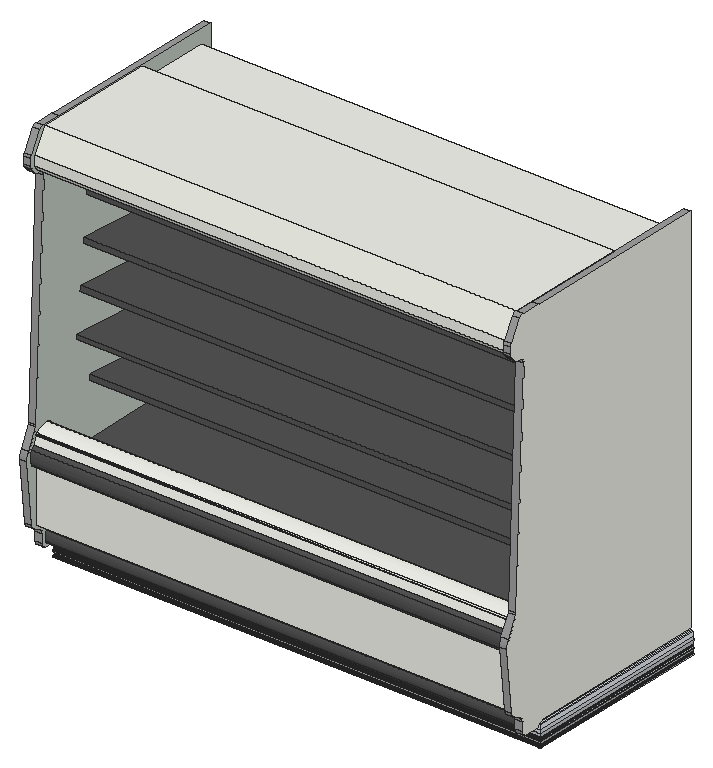
Revit family "F6_2014", category Specialty Equipment, Revit 2014
Parameters (values of type "8'-0" Length")
  Width = 96 3/8"
  Waste Drain Location = if(Width = 72 1/4", 12", if(Width = 96 3/8", 23 7/8", 1/16"))  # 23 7/8"
  Waste Drain = 1 1/2"  # constant formula
  URL = "www.hussmann.com"
  Type Comments = "Excel"  # constant formula
  Trim = Stainless Steel
  Total Weight = Case Weight + (2 * End Weight)  # 1900.00 lbf
  Splashguard = Textured Sheet Metal (Steel Painted) - 701 Black
  Side Panel - Right [instance] = yes
  Side Panel - Left [instance] = yes
  Shelves = Sheet Metal (Steel Painted) - 701 Black
  Shelf Lights [instance] = yes
  Shelf = yes
  Revit Family Date = "09/13/2016"  # constant formula
  Refrigeration Lines Suction = 1 1/8"  # constant formula
  Refrigeration Lines Liquid = 3/8"  # constant formula
  Refrig. Suction = "Suction"
  Refrig. Liquid = "Liquid"
  Number of Supports = if(Width < 50", 2, if(Width < 100", 3, 4))  # 3
  Number of Shelves = 5  # constant formula
  Note from Manufacturer = "This model only comes in 4'-0\", 6'-0\", 8'-0\" and 12'-0\"  lengths."
  Model URL = "http://www.hussmann.com/en/product%20viewer/display-cases/F6,%20F6L"
  Model = "F6"  # constant formula
  Manufacturer Disclaimer = "The information in this file is not intended to be an exact representation of the corresponding Hussmann product.  Further, we reserve the right to change or revise specifications and product design in connection with any feature of our products. Such changes do not entitle the buyer to corresponding changes, improvements, additions, or replacements for equipment previously sold or shipped."  # constant formula
  Manufacturer = "Hussmann Corporation"  # constant formula
  Height = 81 1/4"  # constant formula
  Glazing = Glass
  Ends = Textured Sheet Metal (Steel Painted) - 149 White Satin Matte
  End Weight = 100.00 lbf  # constant formula
  Door Frame = Plastic - 144 Mist Gray
  Description = "Medium 27 inches Front Height, Low Temperature Open Multi-Deck"  # constant formula
  Depth = 46 1/2"  # constant formula
  Cutsheet URL = "http://www.hussmann.com/en/Technical%20Documents/0522419_E_F6.pdf"
  Case Weight = if(Width = 48 1/4", 1000.00 lbf, if(Width = 72 1/4", 1300.00 lbf, if(Width = 96 3/8", 1700.00 lbf, if(Width = 144 1/2", 2000.00 lbf, 0.00 lbf))))  # 1700.00 lbf
  Case Interior - Side Panel = Mirror
  Case Interior - Back Panel = Mirror
  Case = Textured Sheet Metal (Steel Painted) - 149 White Satin Matte
  Bumper = Extruded PVC - 701 Black
  Assembly Code = ""
  Accessories/Options = ""
Types (5): name | Width | Waste Drain Location | Total Weight | Number of Supports | Case Weight
  (no name) | 96 3/8" | 23 7/8" | 1900.00 lbf | 3 | 1700.00 lbf
  12'-0" Length | 144 1/2" | 1/16" | 2200.00 lbf | 4 | 2000.00 lbf
  8'-0" Length | 96 3/8" | 23 7/8" | 1900.00 lbf | 3 | 1700.00 lbf
  6'-0" Length | 72 1/4" | 12" | 1500.00 lbf | 3 | 1300.00 lbf
  4'-0" Length | 48 1/4" | 1/16" | 1200.00 lbf | 2 | 1000.00 lbf
Reference planes (in)
  plane 1 "Back": y = 0
  plane 2 "Bottom": z = 0
  plane 3 "Top": z = 81.25
  plane 4 "Left": x = -77.30699
  plane 5 "Front": y = -46.5
  plane 6 "Center (Left/Right)": x = -29.11949
  plane 7 "Right": x = 19.06801
  plane 8: x = -78.75816
  plane 9: x = 20.51919
Forms (in)
  Extrusion 1, solid, material "Metal - Copper"
    sketch origin (63.0625, 1.04319, 0) x (1, 0, 0) y (0, 1, 0)
      loop
        arc (-68.30699, -27.97109) -> (-68.83732, -28.19076) -> (-69.05699, -28.72109) r 0.75
        arc (-69.05699, -28.72109) -> (-68.83732, -29.25142) -> (-68.30699, -29.47109) r 0.75
        arc (-68.30699, -29.47109) -> (-67.77666, -29.25142) -> (-67.55699, -28.72109) r 0.75
        arc (-67.55699, -28.72109) -> (-67.77666, -28.19076) -> (-68.30699, -27.97109) r 0.75
      loop
        circle (-68.30699, -28.72109) r 0.7102
    from 6.42413 to 3.51473
  Extrusion 2, solid, material "Metal - Copper"
    sketch origin (57.40105, 5, -0.375) x (1, 0, 0) y (0, 1, 0)
      loop
        circle (-47.78995, -35.51915) r 0.53859
      loop
        circle (-47.78995, -35.51915) r 0.5625
    from 12.31461 to 5.4531
  Extrusion 3, solid, material "Metal - Copper"
    sketch origin (59.82608, 5, -0.375) x (1, 0, 0) y (0, 1, 0)
      loop
        circle (-49.46497, -35.51915) r 0.17188
      loop
        circle (-49.46497, -35.51915) r 0.1875
    from 12.31461 to 5.4531
  Extrusion 4, solid, material "Textured Sheet Metal (Steel Painted) - 149 White Satin Matte" <- "Case"
    sketch origin (-77.30699, 0, 0) x (0, 1, 0) y (0, 0, 1)
      loop
        line (-32.1541, 73.54912) -> (-9.46181, 71.96022) -> (-14.849, 18.17943) -> (-16.98709, 18.17943) -> (-23.57861, 11.45449) -> (-26.80457, 11.45449) -> (-27.76669, 14.43866) -> (-41.70677, 15.01715) -> (-38.318, 17.2794) -> (-38.318, 17.87326) -> (-40.77696, 17.87326) -> (-40.77696, 22.76026)
        arc (-40.77696, 22.76026) -> (-40.79236, 22.78719) -> (-40.82338, 22.78759) r 0.03125
        line (-40.82338, 22.78759) -> (-42.13884, 22.05773) -> (-43.92538, 22.05773) -> (-43.92538, 26.00602) -> (-42.40181, 26.00602)
        arc (-42.40181, 26.00602) -> (-42.36045, 26.02335) -> (-42.34381, 26.06499) r 0.058
        line (-42.34381, 26.06499) -> (-42.34381, 26.31941) -> (-42.16439, 26.56533)
        arc (-42.16439, 26.56533) -> (-42.05488, 26.61571) -> (-42.02131, 26.73149) r 0.14499
        arc (-42.02131, 26.73149) -> (-42.08031, 26.91762) -> (-42.2585, 26.99747) r 0.23875
        arc (-42.2585, 26.99747) -> (-43.75651, 26.75243) -> (-45.09834, 26.04279) r 4.70103
        arc (-45.09834, 26.04279) -> (-45.1763, 25.9639) -> (-45.22778, 25.86565) r 0.37506
        line (-45.22778, 25.86565) -> (-45.25633, 25.77972)
        arc (-45.25633, 25.77972) -> (-45.25768, 25.74778) -> (-45.24339, 25.71919) r 0.06383
        arc (-45.24339, 25.71919) -> (-45.23064, 25.70823) -> (-45.21557, 25.70083) r 0.06355
        line (-45.21557, 25.70083) -> (-45.15692, 25.68094) -> (-45.71561, 24.14609) -> (-45.0616, 24.14609) -> (-45.0616, 9.16104) -> (-42.90688, 7.9165) -> (-42.68352, 8.32972) -> (-37.45724, 5.312) -> (-29.27535, 5.312) -> (-29.27535, 2.18201) -> (0, 2.18201) -> (0, 49.42812) -> (-3.19794, 49.42812) -> (-3.19794, 78.65136) -> (-18.11408, 78.65136) -> (-18.11408, 81.26647) -> (-42.99581, 81.26647) -> (-45.50837, 76.9146) -> (-45.50837, 74.88084) -> (-44.55361, 73.74112) -> (-44.24596, 74.04878) -> (-44.96724, 74.90484) -> (-42.96435, 76.39558) -> (-42.79097, 75.93177) -> (-42.41037, 75.40726) -> (-39.0931, 75.40726) -> (-39.0931, 75.13972) -> (-38.83177, 74.20939) -> (-38.68819, 74.20516) -> (-38.68819, 74.70168) -> (-35.39484, 74.70168) -> (-35.37355, 72.28708) -> (-32.1541, 72.28708) -> (-32.1541, 73.54912)
    from 0 to 96.375 <- "Width"
  Extrusion 5, solid, material "Sheet Metal (Steel Painted) - 701 Black" <- "Shelves"
    sketch origin (-77.30699, 0, 0) x (0, 1, 0) y (0, 0, 1)
      loop
        line (-15.04978, 19.30353) -> (-40.57497, 18.90647) -> (-40.56003, 17.94604)
        arc (-40.56003, 17.94604) -> (-40.55054, 17.92409) -> (-40.5283, 17.91528) r 0.03125
        line (-40.5283, 17.91528) -> (-15.02977, 18.30908) -> (-15.04978, 19.30353)
    from 0 to 96.375 <- "Width"
  Extrusion 6, solid, material "Extruded PVC - 701 Black" <- "Bumper"
    sketch origin (-77.30699, 0, 0) x (0, 1, 0) y (0, 0, 1)
      loop
        arc (-45.71561, 24.14609) -> (-46.08999, 23.88839) -> (-46.35991, 23.52271) r 1.37504
        arc (-46.35991, 23.52271) -> (-46.68609, 22.16151) -> (-46.35917, 20.80049) r 2.99997
        arc (-46.35917, 20.80049) -> (-46.04489, 20.3947) -> (-45.60371, 20.13243) r 1.37501
        arc (-45.60371, 20.13243) -> (-45.5525, 20.1281) -> (-45.5059, 20.14977) r 0.10001
        line (-45.5059, 20.14977) -> (-45.0616, 20.52258) -> (-45.0616, 24.14609) -> (-45.71561, 24.14609)
      loop
        arc (-42.02361, 7.721) -> (-42.3677, 7.51597) -> (-42.61285, 7.19922) r 1.075
        arc (-42.61285, 7.19922) -> (-42.86856, 6.13415) -> (-42.61286, 5.06908) r 2.346
        arc (-42.61286, 5.06908) -> (-42.36782, 4.75242) -> (-42.02389, 4.5474) r 1.075
        arc (-42.02389, 4.5474) -> (-41.98374, 4.54322) -> (-41.94688, 4.55968) r 0.078
        line (-41.94688, 4.55968) -> (-41.67603, 4.78693) -> (-41.96374, 4.953) -> (-40.6816, 7.17378) -> (-41.4288, 7.60522) -> (-41.55766, 7.38205) -> (-41.94493, 7.70698)
        arc (-41.94493, 7.70698) -> (-41.98233, 7.72483) -> (-42.02361, 7.721) r 0.078
    from 0 to 96.375 <- "Width"
  Extrusion 7, solid, material "Sheet Metal (Steel Painted) - 701 Black" <- "Shelves"
    sketch origin (-77.30699, 0, 0) x (0, 1, 0) y (0, 0, 1)
      loop
        line (-10.30939, 63.49875) -> (-32.25575, 65.03542) -> (-32.35547, 64.03996) -> (-31.85796, 63.99012) -> (-31.80661, 64.50275) -> (-10.35925, 63.00102) -> (-10.30939, 63.49875)
      loop
        line (-31.65455, 30.92217) -> (-31.72446, 29.92372) -> (-31.25675, 29.87687) -> (-31.2054, 30.38949) -> (-13.74837, 29.16717) -> (-13.69851, 29.6649) -> (-31.65455, 30.92217)
      loop
        line (-34.7985, 39.65103) -> (-34.89821, 38.65556) -> (-34.4007, 38.60573) -> (-34.34935, 39.11836) -> (-12.90199, 37.61663) -> (-12.85213, 38.11436) -> (-34.7985, 39.65103)
      loop
        line (-33.95092, 48.11249) -> (-34.05063, 47.11703) -> (-33.55312, 47.06719) -> (-33.50177, 47.57982) -> (-12.05441, 46.07809) -> (-12.00455, 46.57583) -> (-33.95092, 48.11249)
      loop
        line (-33.10333, 56.57396) -> (-33.20305, 55.57849) -> (-32.70554, 55.52866) -> (-32.65419, 56.04129) -> (-11.20683, 54.53956) -> (-11.15697, 55.03729) -> (-33.10333, 56.57396)
    from 0 to 96.375 <- "Width"
  Extrusion 8, solid, material "Textured Sheet Metal (Steel Painted) - 149 White Satin Matte" <- "Ends", visible <- "Side Panel - Left"
    sketch origin (-77.30699, 0, 0) x (0, 1, 0) y (0, 0, 1)
      loop
        line (-43.1746, 72.33507) -> (-45.09612, 27.53321)
        arc (-45.09612, 27.53321) -> (-45.12572, 27.3309) -> (-45.19585, 27.13884) r 0.99992
        line (-45.19585, 27.13884) -> (-46.99351, 23.44142)
        arc (-46.99351, 23.44142) -> (-47.25982, 22.62207) -> (-47.29229, 21.76113) r 3.12507
        line (-47.29229, 21.76113) -> (-46.04991, 9.45266)
        arc (-46.04991, 9.45266) -> (-45.8947, 9.01005) -> (-45.55476, 8.6869) r 1.00008
        line (-45.55476, 8.6869) -> (-43.94711, 7.75915)
        arc (-43.94711, 7.75915) -> (-43.58099, 7.39314) -> (-43.44698, 6.8931) r 0.99992
        line (-43.44698, 6.8931) -> (-43.44698, 5.0781)
        arc (-43.44698, 5.0781) -> (-43.15406, 4.37094) -> (-42.4469, 4.07802) r 1.00008
        line (-42.4469, 4.07802) -> (-39.4509, 4.07802) -> (-39.4509, 4.32875) -> (-39.38161, 4.32875) -> (-39.38161, 4.37675) -> (-38.29754, 5.22424) -> (-38.29754, 5.17618) -> (-0.57369, 5.17618) -> (-0.57369, 81.28502) -> (-39.32361, 81.28502) -> (-39.32361, 81.34702) -> (-43.1566, 81.34702)
        arc (-43.1566, 81.34702) -> (-43.65661, 81.21305) -> (-44.02266, 80.84705) r 1.00008
        line (-44.02266, 80.84705) -> (-46.19965, 77.07706)
        arc (-46.19965, 77.07706) -> (-46.29959, 76.83583) -> (-46.33368, 76.57695) r 1.00008
        line (-46.33368, 76.57695) -> (-46.33368, 75.16995)
        arc (-46.33368, 75.16995) -> (-46.27327, 74.82765) -> (-46.09935, 74.5267) r 1.00008
        line (-46.09935, 74.5267) -> (-45.43459, 73.73534)
        arc (-45.43459, 73.73534) -> (-45.09158, 73.47237) -> (-44.6696, 73.37888) r 0.99908
        line (-44.6696, 73.37888) -> (-44.1746, 73.37888)
        arc (-44.1746, 73.37888) -> (-43.45184, 73.07038) -> (-43.1746, 72.33507) r 1.00092
    from 0 to -1.45118
  Sweep 9, solid
    path origin (0, 0, 0) x (1, 0, 0) y (0, 1, 0)
      loop
        line (-77.30699, 0) -> (-77.30699, -37.26654) -> (19.06801, -37.26654) -> (19.06801, 0)
    profile origin (-29.11949, -37.26654, 0) x (0, 1, 0) y (0, 0, 1)
      loop
        line (-0.89402, 4.48266) -> (-1.05129, 4.45114) -> (-1.2305, 4.33026) -> (-1.34929, 4.14965) -> (-1.53606, 3.46063) -> (-1.55475, 2.74699) -> (-1.40429, 2.04913) -> (-1.37706, 1.88926) -> (-1.40243, 1.72908) -> (-1.47773, 1.58544) -> (-1.56688, 1.39133) -> (-1.56688, 1.17773) -> (-1.47773, 0.98363) -> (-1.3886, 0.78951) -> (-1.3886, 0.57592) -> (-1.47773, 0.38181) -> (-1.53279, 0.28957) -> (-1.56688, 0.1877) -> (-1.57841, 0.0809) -> (-0.72217, 0.2629) -> (0, 0.70022) -> (0, 4.13502) -> (-0.22501, 4.36538) -> (-0.16131, 4.42908) -> (-0.5901, 4.85787) -> (-0.66434, 4.88863) -> (-0.73859, 4.85787) -> (-0.89402, 4.48266)
  Extrusion 10, solid, material "Textured Sheet Metal (Steel Painted) - 149 White Satin Matte" <- "Ends", visible <- "Side Panel - Right"
    sketch origin (67.19301, 0, 0) x (0, 1, 0) y (0, 0, -1)
      loop
        arc (-43.1746, -72.33507) -> (-43.45184, -73.07038) -> (-44.1746, -73.37888) r 1.00092
        line (-44.1746, -73.37888) -> (-44.6696, -73.37888)
        arc (-44.6696, -73.37888) -> (-45.09158, -73.47237) -> (-45.43459, -73.73534) r 0.99908
        line (-45.43459, -73.73534) -> (-46.09935, -74.5267)
        arc (-46.09935, -74.5267) -> (-46.27327, -74.82765) -> (-46.33368, -75.16995) r 1.00008
        line (-46.33368, -75.16995) -> (-46.33368, -76.57695)
        arc (-46.33368, -76.57695) -> (-46.29959, -76.83583) -> (-46.19965, -77.07706) r 1.00008
        line (-46.19965, -77.07706) -> (-44.02266, -80.84705)
        arc (-44.02266, -80.84705) -> (-43.65661, -81.21305) -> (-43.1566, -81.34702) r 1.00008
        line (-43.1566, -81.34702) -> (-39.32361, -81.34702) -> (-39.32361, -81.28502) -> (-0.57369, -81.28502) -> (-0.57369, -5.17618) -> (-38.29754, -5.17618) -> (-38.29754, -5.22424) -> (-39.38161, -4.37675) -> (-39.38161, -4.32875) -> (-39.4509, -4.32875) -> (-39.4509, -4.07802) -> (-42.4469, -4.07802)
        arc (-42.4469, -4.07802) -> (-43.15406, -4.37094) -> (-43.44698, -5.0781) r 1.00008
        line (-43.44698, -5.0781) -> (-43.44698, -6.8931)
        arc (-43.44698, -6.8931) -> (-43.58099, -7.39314) -> (-43.94711, -7.75915) r 0.99992
        line (-43.94711, -7.75915) -> (-45.55476, -8.6869)
        arc (-45.55476, -8.6869) -> (-45.8947, -9.01005) -> (-46.04991, -9.45266) r 1.00008
        line (-46.04991, -9.45266) -> (-47.29229, -21.76113)
        arc (-47.29229, -21.76113) -> (-47.25982, -22.62207) -> (-46.99351, -23.44142) r 3.12507
        line (-46.99351, -23.44142) -> (-45.19585, -27.13884)
        arc (-45.19585, -27.13884) -> (-45.12572, -27.3309) -> (-45.09612, -27.53321) r 0.99992
        line (-45.09612, -27.53321) -> (-43.1746, -72.33507)
    from 48.125 to 46.67382
Lines and regions (in)
  reference lines
    curve 1: line (-73.78869, -46.5, 0) -> (-73.78869, 0, 0)
    curve 2: line (-5.24449, -46.5, 0) -> (-5.24449, 0, 0)
    curve 3: line (15.61582, -46.5, 0) -> (15.61582, 0, 0)
    curve 4: line (10.17361, -46.5, 0) -> (10.17361, 0, 0)
    curve 5: line (-77.30699, -27.6779, 0) -> (19.06801, -27.6779, 0)
    curve 6: line (19.06801, -30.51915, 0) -> (-77.30699, -30.51915, 0)
Dimensions and locks (in)
  equal spacing: plane 4 "Left", plane 6 "Center (Left/Right)", plane 7 "Right"
  "Width": plane 4 "Left" to plane 7 "Right"
  locked: plane 4 "Left" to curve 1 at 3.5183
  locked: curve 3 to plane 7 "Right" at 3.45219
  "Depth": plane 5 "Front" to plane 1 "Back"
  locked: curve 4 to plane 7 "Right" at 8.89441
  "Height": plane 3 "Top" to level
  locked: plane 1 "Back" to curve 5 at 27.6779
  locked: plane 1 "Back" to curve 6 at 30.51915
  locked: Extrusion 1 sketch curve to Extrusion 1 sketch curve at 0.0398
  locked: Extrusion 3 sketch curve to Extrusion 3 sketch curve at 0.01562
  locked: Extrusion 2 sketch curve to Extrusion 2 sketch curve at 0.02391
  equal spacing: group 1, group 3, group 2  (x3)
  "Waste Drain Location": plane 6 "Center (Left/Right)" to curve 2
  locked: plane 8 to plane 4 "Left" at 1.45118
  locked: plane 7 "Right" to plane 9 at 1.45118
  "Waste Drain": diameter of Extrusion 1 sketch curve
  "Refrigeration Lines Liquid": diameter of Extrusion 3 sketch curve
  "Refrigeration Lines Suction": diameter of Extrusion 2 sketch curve
  aligned and locked: plane 5 "Front" to curve 2
  aligned and locked: plane 5 "Front" to curve 3
  aligned and locked: plane 5 "Front" to curve 1
  aligned and locked: plane 4 "Left" to curve 5
  aligned and locked: plane 4 "Left" to curve 6
  aligned and locked: plane 7 "Right" to curve 6
  aligned and locked: plane 7 "Right" to curve 5
  aligned and locked: curve 6 to Extrusion 3 sketch curve  (x4)
  aligned and locked: curve 6 to Extrusion 2 sketch curve  (x4)
  aligned and locked: curve 5 to Extrusion 1 sketch curve  (x3)
  aligned and locked: curve 2 to Extrusion 1 sketch curve
  aligned and locked: curve 4 to Extrusion 3 sketch curve
  aligned and locked: curve 4 to Extrusion 2 sketch curve
  aligned and locked: curve 1 to nested 1
  aligned and locked: curve 3 to nested 2
  aligned and locked: plane 4 "Left" to Extrusion 8
  aligned and locked: Extrusion 8 to plane 8
  aligned and locked: Extrusion 4 to Sweep 9 sketch curve
  aligned and locked: Sweep 9 sketch curve to Extrusion 4
  aligned and locked: Extrusion 10 to plane 7 "Right"
  aligned and locked: Extrusion 10 to plane 9
  aligned and locked: plane 4 "Left" to nested 5
  aligned and locked: plane 4 "Left" to nested 4
  aligned and locked: plane 4 "Left" to nested 3
Automatic sketch dimensions
  Extrusion 4 sketch curve to plane 1 "Back" = 0"
  plane 1 "Back" to Extrusion 4 sketch curve = 3.19794"
  Extrusion 4 sketch curve to Extrusion 4 sketch curve = 6.26387"
  plane 1 "Back" to Extrusion 4 sketch curve = 14.849"
  Extrusion 4 sketch curve to Extrusion 4 sketch curve = 2.13808"
  Extrusion 4 sketch curve to plane 3 "Top" = 0.01647"
  Extrusion 4 sketch curve to Extrusion 4 sketch curve = 8.65227"
  Extrusion 4 sketch curve to Extrusion 4 sketch curve = 6.59152"
  Extrusion 4 sketch curve to Extrusion 4 sketch curve = 3.22596"
  Extrusion 4 sketch curve to Extrusion 4 sketch curve = 0.96212"
  level to Extrusion 4 sketch curve = 2.18201"
  Extrusion 4 sketch curve to Extrusion 4 sketch curve = 2.47078"
  plane 5 "Front" to Extrusion 4 sketch curve = 14.3459"
  Extrusion 4 sketch curve to Extrusion 4 sketch curve = 3.21945"
  Extrusion 4 sketch curve to Extrusion 4 sketch curve = 0.02129"
  Extrusion 4 sketch curve to Extrusion 4 sketch curve = 8.18189"
  plane 5 "Front" to Extrusion 4 sketch curve = 8.182"
  Extrusion 4 sketch curve to Extrusion 4 sketch curve = 3.29335"
  Extrusion 4 sketch curve to Extrusion 4 sketch curve = 0.14358"
  Extrusion 4 sketch curve to Extrusion 4 sketch curve = 0.40491"
  Extrusion 4 sketch curve to Extrusion 4 sketch curve = 2.45897"
  Extrusion 4 sketch curve to Extrusion 4 sketch curve = 1/32"
  Extrusion 4 sketch curve to Extrusion 4 sketch curve = 0.9298"
  Extrusion 4 sketch curve to Extrusion 4 sketch curve = 1.31547"
  Extrusion 4 sketch curve to Extrusion 4 sketch curve = 1.34102"
  Extrusion 4 sketch curve to Extrusion 4 sketch curve = 0.00035"
  Extrusion 4 sketch curve to Extrusion 4 sketch curve = 3/32"
  Extrusion 4 sketch curve to Extrusion 4 sketch curve = 0.11966"
  Extrusion 4 sketch curve to Extrusion 4 sketch curve = 0.17942"
  Extrusion 4 sketch curve to Extrusion 4 sketch curve = 0.058"  (x2)
  Extrusion 4 sketch curve to Extrusion 4 sketch curve = 3.31727"
  plane 5 "Front" to Extrusion 4 sketch curve = 3.81648"
  Extrusion 4 sketch curve to Extrusion 4 sketch curve = 0.3806"
  Extrusion 4 sketch curve to Extrusion 4 sketch curve = 0.22336"
  Extrusion 4 sketch curve to Extrusion 4 sketch curve = 0.17337"
  plane 5 "Front" to Extrusion 4 sketch curve = 3.50419"
  Extrusion 4 sketch curve to Extrusion 4 sketch curve = 1.66688"
  plane 5 "Front" to Extrusion 4 sketch curve = 2.25404"
  Extrusion 4 sketch curve to Extrusion 4 sketch curve = 0.30766"  (x2)
  Extrusion 4 sketch curve to Extrusion 4 sketch curve = 0.9481"
  Extrusion 4 sketch curve to Extrusion 4 sketch curve = 0.72128"
  plane 5 "Front" to Extrusion 4 sketch curve = 1.4384"
  Extrusion 4 sketch curve to Extrusion 4 sketch curve = 0.28345"
  Extrusion 4 sketch curve to Extrusion 4 sketch curve = 0.03834"
  Extrusion 4 sketch curve to Extrusion 4 sketch curve = 0.00008"
  Extrusion 4 sketch curve to Extrusion 4 sketch curve = 0.03252"
  Extrusion 4 sketch curve to Extrusion 4 sketch curve = 0.06098"
  Extrusion 4 sketch curve to Extrusion 4 sketch curve = 0.54113"
  Extrusion 4 sketch curve to Extrusion 4 sketch curve = 0.65401"
  Extrusion 4 sketch curve to Extrusion 4 sketch curve = 3.13"
  Extrusion 4 sketch curve to Extrusion 4 sketch curve = 2.6045"
  Extrusion 4 sketch curve to Extrusion 4 sketch curve = 0.41321"
  Extrusion 4 sketch curve to Extrusion 4 sketch curve = 1.24454"
  Extrusion 4 sketch curve to Extrusion 4 sketch curve = 6.14249"
  Extrusion 4 sketch curve to Extrusion 4 sketch curve = 2.98417"
  Extrusion 4 sketch curve to Extrusion 4 sketch curve = 5.85611"
  Extrusion 4 sketch curve to Extrusion 4 sketch curve = 2.26226"
  Extrusion 4 sketch curve to Extrusion 4 sketch curve = 0.59386"
  Extrusion 4 sketch curve to Extrusion 4 sketch curve = 0.23874"
  Extrusion 4 sketch curve to Extrusion 4 sketch curve = 1.53485"
  Extrusion 4 sketch curve to Extrusion 4 sketch curve = 0.06167"
  Extrusion 4 sketch curve to Extrusion 4 sketch curve = 0.08014"
  Extrusion 4 sketch curve to Extrusion 4 sketch curve = 0.00004"
  Extrusion 4 sketch curve to Extrusion 4 sketch curve = 0.01864"
  Extrusion 4 sketch curve to Extrusion 4 sketch curve = 11/128"
  Extrusion 4 sketch curve to Extrusion 4 sketch curve = 0.25443"
  Extrusion 4 sketch curve to Extrusion 4 sketch curve = 0.24591"
  Extrusion 4 sketch curve to Extrusion 4 sketch curve = 0.14499"
  Extrusion 4 sketch curve to Extrusion 4 sketch curve = 0.04841"
  Extrusion 4 sketch curve to Extrusion 4 sketch curve = 1.26203"
  Extrusion 4 sketch curve to Extrusion 4 sketch curve = 1.91808"
  Extrusion 4 sketch curve to Extrusion 4 sketch curve = 0.00423"
  Extrusion 4 sketch curve to Extrusion 4 sketch curve = 2.4146"
  Extrusion 4 sketch curve to Extrusion 4 sketch curve = 1.13972"
  Extrusion 4 sketch curve to Extrusion 4 sketch curve = 0.024"
  Extrusion 4 sketch curve to Extrusion 4 sketch curve = 0.43803"
  Extrusion 4 sketch curve to Extrusion 4 sketch curve = 1.35848"
  Extrusion 4 sketch curve to Extrusion 4 sketch curve = 0.52451"
  Extrusion 4 sketch curve to Extrusion 4 sketch curve = 0.46381"
  Extrusion 4 sketch curve to Extrusion 4 sketch curve = 2.03376"
  plane 3 "Top" to Extrusion 4 sketch curve = 2.59864"
  Extrusion 4 sketch curve to Extrusion 4 sketch curve = 0.14343"
  Extrusion 4 sketch curve to Extrusion 4 sketch curve = 0.12944"
  Extrusion 4 sketch curve to Extrusion 4 sketch curve = 0.05865"
  Extrusion 4 sketch curve to Extrusion 4 sketch curve = 0"  (x2)
  Extrusion 4 sketch curve to Extrusion 4 sketch curve = 0.02766"
  Extrusion 4 sketch curve to Extrusion 4 sketch curve = 0.00014"
  Extrusion 4 sketch curve to Extrusion 4 sketch curve = 0.01836"
  plane 5 "Front" to Extrusion 5 sketch curve = 5.92503"
  Extrusion 5 sketch curve to Extrusion 5 sketch curve = 0.01494"
  Extrusion 5 sketch curve to Extrusion 5 sketch curve = 1/32"
  Extrusion 5 sketch curve to Extrusion 5 sketch curve = 0.00048"
  plane 1 "Back" to Extrusion 5 sketch curve = 15.04978"
  Extrusion 5 sketch curve to Extrusion 5 sketch curve = 0.02001"
  Extrusion 5 sketch curve to Extrusion 5 sketch curve = 0.00049"
  plane 5 "Front" to Extrusion 6 sketch curve = 0.78439"
  plane 5 "Front" to Extrusion 6 sketch curve = 0.93005"
  Extrusion 6 sketch curve to Extrusion 6 sketch curve = 0.06406"
  Extrusion 6 sketch curve to Extrusion 6 sketch curve = 0.43594"
  plane 5 "Front" to Extrusion 6 sketch curve = 1.36613"
  Extrusion 6 sketch curve to Extrusion 6 sketch curve = 0.65401"
  Extrusion 6 sketch curve to Extrusion 6 sketch curve = 1.44775"
  plane 5 "Front" to Extrusion 6 sketch curve = 4.50398"
  Extrusion 6 sketch curve to Extrusion 6 sketch curve = 0"  (x5)
  Extrusion 6 sketch curve to Extrusion 6 sketch curve = 0.03228"
  Extrusion 6 sketch curve to Extrusion 6 sketch curve = 0.04914"
  Extrusion 6 sketch curve to Extrusion 6 sketch curve = 0.05109"
  Extrusion 6 sketch curve to Extrusion 6 sketch curve = 0.28771"
  Extrusion 6 sketch curve to Extrusion 6 sketch curve = 0.30871"
  Extrusion 6 sketch curve to Extrusion 6 sketch curve = 0.34099"
  Extrusion 6 sketch curve to Extrusion 6 sketch curve = 0.38727"
  Extrusion 6 sketch curve to Extrusion 6 sketch curve = 0.12886"
  Extrusion 6 sketch curve to Extrusion 6 sketch curve = 0.7472"
  Extrusion 6 sketch curve to Extrusion 6 sketch curve = 0.15904"
  Extrusion 6 sketch curve to Extrusion 6 sketch curve = 0.73784"
  Extrusion 6 sketch curve to Extrusion 6 sketch curve = 1.47544"
  Extrusion 6 sketch curve to Extrusion 6 sketch curve = 0.90215"
  Extrusion 6 sketch curve to Extrusion 6 sketch curve = 0.29601"
  Extrusion 6 sketch curve to Extrusion 6 sketch curve = 0.0768"
  level to Extrusion 6 sketch curve = 7.70698"
  Extrusion 6 sketch curve to Extrusion 6 sketch curve = 0.05894"
  Extrusion 6 sketch curve to Extrusion 6 sketch curve = 0.10175"
  Extrusion 6 sketch curve to Extrusion 6 sketch curve = 0.22318"
  Extrusion 6 sketch curve to Extrusion 6 sketch curve = 0.43144"
  Extrusion 6 sketch curve to Extrusion 6 sketch curve = 0.67089"
  Extrusion 6 sketch curve to Extrusion 6 sketch curve = 1.03963"
  Extrusion 6 sketch curve to Extrusion 6 sketch curve = 1.15403"
  Extrusion 6 sketch curve to Extrusion 6 sketch curve = 0.60413"
  Extrusion 6 sketch curve to Extrusion 6 sketch curve = 0.16607"
  Extrusion 6 sketch curve to Extrusion 6 sketch curve = 0.33275"
  Extrusion 6 sketch curve to Extrusion 6 sketch curve = 0.06058"
  plane 5 "Front" to Extrusion 6 sketch curve = 0.14084"
  plane 5 "Front" to Extrusion 6 sketch curve = 0.14009"
  Extrusion 6 sketch curve to Extrusion 6 sketch curve = 0.09781"
  Extrusion 6 sketch curve to Extrusion 6 sketch curve = 0.64912"
  Extrusion 6 sketch curve to Extrusion 6 sketch curve = 0.61683"
  Extrusion 6 sketch curve to Extrusion 6 sketch curve = 0.07701"
  Extrusion 6 sketch curve to Extrusion 6 sketch curve = 0.02759"
  plane 5 "Front" to Extrusion 7 sketch curve = 11.60179"
  Extrusion 7 sketch curve to Extrusion 7 sketch curve = 0.09972"  (x4)
  Extrusion 7 sketch curve to Extrusion 7 sketch curve = 0.49751"  (x4)
  Extrusion 7 sketch curve to Extrusion 7 sketch curve = 0.05135"  (x5)
  Extrusion 7 sketch curve to Extrusion 7 sketch curve = 0.74786"  (x3)
  Extrusion 7 sketch curve to Extrusion 7 sketch curve = 2.67624"
  Extrusion 7 sketch curve to Extrusion 7 sketch curve = 0.06991"
  Extrusion 7 sketch curve to Extrusion 7 sketch curve = 0.46771"
  plane 1 "Back" to Extrusion 7 sketch curve = 13.74837"
  Extrusion 7 sketch curve to Extrusion 7 sketch curve = 0.79652"
  Extrusion 7 sketch curve to Extrusion 7 sketch curve = 0.04986"  (x5)
  Extrusion 7 sketch curve to Extrusion 7 sketch curve = 0.79772"  (x3)
  Extrusion 7 sketch curve to Extrusion 7 sketch curve = 7.95173"
  Extrusion 7 sketch curve to Extrusion 7 sketch curve = 0.49773"  (x5)
  Extrusion 7 sketch curve to Extrusion 7 sketch curve = 7.68356"
  Extrusion 7 sketch curve to Extrusion 7 sketch curve = 0.04984"  (x3)
  Extrusion 7 sketch curve to Extrusion 7 sketch curve = 7.96373"  (x3)
  Extrusion 7 sketch curve to Extrusion 7 sketch curve = 7.41616"  (x3)
  Extrusion 7 sketch curve to Extrusion 7 sketch curve = 0.51263"
  Extrusion 8 sketch curve to plane 5 "Front" = 0.79229"
  Extrusion 8 sketch curve to plane 5 "Front" = 0.49351"
  plane 5 "Front" to Extrusion 8 sketch curve = 0.16632"
  plane 5 "Front" to Extrusion 8 sketch curve = 0.30035"
  plane 5 "Front" to Extrusion 8 sketch curve = 0.40065"
  plane 5 "Front" to Extrusion 8 sketch curve = 0.40488"
  plane 5 "Front" to Extrusion 8 sketch curve = 0.45009"
  Extrusion 8 sketch curve to Extrusion 8 sketch curve = 0.49516"
  Extrusion 8 sketch curve to Extrusion 8 sketch curve = 0.66476"
  Extrusion 8 sketch curve to Extrusion 8 sketch curve = 1.00008"  (x3)
  Extrusion 8 sketch curve to Extrusion 8 sketch curve = 0.89926"
  Extrusion 8 sketch curve to Extrusion 8 sketch curve = 0.09973"
  Extrusion 8 sketch curve to Extrusion 8 sketch curve = 0.99502"
  Extrusion 8 sketch curve to Extrusion 8 sketch curve = 0.76499"
  plane 5 "Front" to Extrusion 8 sketch curve = 2.05311"
  plane 5 "Front" to Extrusion 8 sketch curve = 2.31699"
  Extrusion 8 sketch curve to Extrusion 8 sketch curve = 0.495"
  plane 3 "Top" to Extrusion 8 sketch curve = 0.40295"
  plane 5 "Front" to Extrusion 8 sketch curve = 2.47734"
  Extrusion 8 sketch curve to Extrusion 8 sketch curve = 0.49978"
  Extrusion 8 sketch curve to Extrusion 8 sketch curve = 0.99992"
  Extrusion 8 sketch curve to Extrusion 8 sketch curve = 1"
  Extrusion 8 sketch curve to Extrusion 8 sketch curve = 0.86605"
  Extrusion 8 sketch curve to Extrusion 8 sketch curve = 2.99599"
  Extrusion 8 sketch curve to Extrusion 8 sketch curve = 0.06929"
  Extrusion 8 sketch curve to plane 3 "Top" = 0.03502"
  Extrusion 8 sketch curve to Extrusion 8 sketch curve = 3.83299"
  Extrusion 8 sketch curve to Extrusion 8 sketch curve = 1.08408"
  plane 1 "Back" to Extrusion 8 sketch curve = 0.57369"
  plane 3 "Top" to Extrusion 8 sketch curve = 0.90306"
  plane 3 "Top" to Extrusion 8 sketch curve = 4.17294"
  Extrusion 8 sketch curve to Extrusion 8 sketch curve = 1.407"
  Extrusion 8 sketch curve to Extrusion 8 sketch curve = 0.792"
  Extrusion 8 sketch curve to Extrusion 8 sketch curve = 0.64261"
  Extrusion 8 sketch curve to Extrusion 8 sketch curve = 1.00092"
  Extrusion 8 sketch curve to Extrusion 8 sketch curve = 0.04285"
  Extrusion 8 sketch curve to Extrusion 8 sketch curve = 1.36645"
  level to Extrusion 8 sketch curve = 9.55309"
  Extrusion 8 sketch curve to Extrusion 8 sketch curve = 0.10043"
  Extrusion 8 sketch curve to Extrusion 8 sketch curve = 0.92775"
  level to Extrusion 8 sketch curve = 5.22424"
  level to Extrusion 8 sketch curve = 5.17618"
  Extrusion 8 sketch curve to Extrusion 8 sketch curve = 1.815"
  Extrusion 8 sketch curve to Extrusion 8 sketch curve = 0.29873"
  Extrusion 8 sketch curve to Extrusion 8 sketch curve = 0.048"
  plane 1 "Back" to Sweep 9 sketch curve = 0"  (x2)
  plane 5 "Front" to Sweep 9 sketch curve = 9.23346"
  Sweep 9 sketch curve to profile plane = 0"
  profile plane to Sweep 9 sketch curve = 0.16131"
  Sweep 9 sketch curve to Sweep 9 sketch curve = 0.0637"  (x2)
  profile plane to Sweep 9 sketch curve = 0.5901"
  Sweep 9 sketch curve to Sweep 9 sketch curve = 0.07424"  (x2)
  level to Sweep 9 sketch curve = 0.2629"
  profile plane to Sweep 9 sketch curve = 0.72217"
  Sweep 9 sketch curve to Sweep 9 sketch curve = 0.15544"
  Sweep 9 sketch curve to Sweep 9 sketch curve = 0.15727"
  Sweep 9 sketch curve to Sweep 9 sketch curve = 0.17921"
  Sweep 9 sketch curve to Sweep 9 sketch curve = 0.11879"
  profile plane to Sweep 9 sketch curve = 1.37706"
  Sweep 9 sketch curve to Sweep 9 sketch curve = 0.66643"
  Sweep 9 sketch curve to Sweep 9 sketch curve = 0.02537"
  Sweep 9 sketch curve to Sweep 9 sketch curve = 0.02723"
  Sweep 9 sketch curve to Sweep 9 sketch curve = 0.08914"  (x3)
  level to Sweep 9 sketch curve = 0.38181"
  Sweep 9 sketch curve to Sweep 9 sketch curve = 0.0753"
  level to Sweep 9 sketch curve = 0.28957"
  Sweep 9 sketch curve to Sweep 9 sketch curve = 0.05506"
  Sweep 9 sketch curve to Sweep 9 sketch curve = 0.18677"
  Sweep 9 sketch curve to Sweep 9 sketch curve = 0.15046"
  level to Sweep 9 sketch curve = 0.1877"
  Sweep 9 sketch curve to Sweep 9 sketch curve = 0.03408"
  level to Sweep 9 sketch curve = 0.0809"
  Sweep 9 sketch curve to Sweep 9 sketch curve = 0.01154"
  Sweep 9 sketch curve to Sweep 9 sketch curve = 0.19411"  (x2)
  level to Sweep 9 sketch curve = 0.70022"
  Sweep 9 sketch curve to Sweep 9 sketch curve = 0.21359"
  Sweep 9 sketch curve to Sweep 9 sketch curve = 0.1941"  (x2)
  Sweep 9 sketch curve to Sweep 9 sketch curve = 0.2136"
  Sweep 9 sketch curve to Sweep 9 sketch curve = 0.14364"
  Sweep 9 sketch curve to Sweep 9 sketch curve = 0.16018"
  Sweep 9 sketch curve to Sweep 9 sketch curve = 0.15988"
  Sweep 9 sketch curve to Sweep 9 sketch curve = 0.69785"
  Sweep 9 sketch curve to Sweep 9 sketch curve = 0.71365"
  Sweep 9 sketch curve to Sweep 9 sketch curve = 0.67438"
  Sweep 9 sketch curve to Sweep 9 sketch curve = 0.68902"
  Sweep 9 sketch curve to Sweep 9 sketch curve = 0.1806"
  Sweep 9 sketch curve to Sweep 9 sketch curve = 0.23036"
  Sweep 9 sketch curve to Sweep 9 sketch curve = 0.12088"
  Sweep 9 sketch curve to Sweep 9 sketch curve = 0.03152"
  Sweep 9 sketch curve to Sweep 9 sketch curve = 0.37521"
  Sweep 9 sketch curve to Sweep 9 sketch curve = 0"
  Sweep 9 sketch curve to Sweep 9 sketch curve = 0.03075"
  Extrusion 10 sketch curve to plane 5 "Front" = 0.79229"
  Extrusion 10 sketch curve to plane 5 "Front" = 0.49351"
  plane 5 "Front" to Extrusion 10 sketch curve = 0.16632"
  plane 5 "Front" to Extrusion 10 sketch curve = 0.30035"
  plane 5 "Front" to Extrusion 10 sketch curve = 0.40065"
  plane 5 "Front" to Extrusion 10 sketch curve = 0.40488"
  plane 5 "Front" to Extrusion 10 sketch curve = 0.45009"
  Extrusion 10 sketch curve to Extrusion 10 sketch curve = 0.49516"
  Extrusion 10 sketch curve to Extrusion 10 sketch curve = 0.66476"
  Extrusion 10 sketch curve to Extrusion 10 sketch curve = 1.00008"  (x2)
  Extrusion 10 sketch curve to Extrusion 10 sketch curve = 0.76575"
  Extrusion 10 sketch curve to Extrusion 10 sketch curve = 0.89926"
  Extrusion 10 sketch curve to Extrusion 10 sketch curve = 0.09973"
  Extrusion 10 sketch curve to Extrusion 10 sketch curve = 0.99502"
  Extrusion 10 sketch curve to Extrusion 10 sketch curve = 0.76499"
  plane 5 "Front" to Extrusion 10 sketch curve = 2.05311"
  plane 5 "Front" to Extrusion 10 sketch curve = 2.31699"
  Extrusion 10 sketch curve to Extrusion 10 sketch curve = 0.495"
  plane 3 "Top" to Extrusion 10 sketch curve = 0.40295"
  plane 5 "Front" to Extrusion 10 sketch curve = 2.47734"
  Extrusion 10 sketch curve to Extrusion 10 sketch curve = 0.49978"
  Extrusion 10 sketch curve to Extrusion 10 sketch curve = 0.99992"
  Extrusion 10 sketch curve to Extrusion 10 sketch curve = 1"
  Extrusion 10 sketch curve to Extrusion 10 sketch curve = 0.86605"
  Extrusion 10 sketch curve to Extrusion 10 sketch curve = 2.99599"
  Extrusion 10 sketch curve to Extrusion 10 sketch curve = 0.06929"
  Extrusion 10 sketch curve to plane 3 "Top" = 0.03502"
  Extrusion 10 sketch curve to Extrusion 10 sketch curve = 3.83299"
  Extrusion 10 sketch curve to Extrusion 10 sketch curve = 1.08408"
  plane 1 "Back" to Extrusion 10 sketch curve = 0.57369"
  Extrusion 10 sketch curve to Extrusion 10 sketch curve = 0.062"
  plane 3 "Top" to Extrusion 10 sketch curve = 4.17294"
  Extrusion 10 sketch curve to Extrusion 10 sketch curve = 1.407"
  Extrusion 10 sketch curve to Extrusion 10 sketch curve = 0.792"
  Extrusion 10 sketch curve to Extrusion 10 sketch curve = 0.64261"
  Extrusion 10 sketch curve to Extrusion 10 sketch curve = 1.00092"
  Extrusion 10 sketch curve to Extrusion 10 sketch curve = 0.04285"
  Extrusion 10 sketch curve to Extrusion 10 sketch curve = 1.36645"
  level to Extrusion 10 sketch curve = 9.55309"
  Extrusion 10 sketch curve to Extrusion 10 sketch curve = 0.10043"
  Extrusion 10 sketch curve to Extrusion 10 sketch curve = 0.92775"
  level to Extrusion 10 sketch curve = 5.22424"
  Extrusion 10 sketch curve to Extrusion 10 sketch curve = 0.04806"
  Extrusion 10 sketch curve to Extrusion 10 sketch curve = 1.815"
  Extrusion 10 sketch curve to Extrusion 10 sketch curve = 0.29873"
  Extrusion 10 sketch curve to Extrusion 10 sketch curve = 0.048"
  plane 5 "Front" to Extrusion 4 sketch curve = 1.24367"
  Extrusion 4 sketch curve to Extrusion 4 sketch curve = 6.72494"
  Extrusion 4 sketch curve to Extrusion 4 sketch curve = 4.18446"
  Extrusion 4 sketch curve to Extrusion 4 sketch curve = 0.70253"
  Extrusion 4 sketch curve to Extrusion 4 sketch curve = 2.08837"
  Extrusion 4 sketch curve to Extrusion 4 sketch curve = 0.99147"
  Extrusion 4 sketch curve to Extrusion 4 sketch curve = 29.22324"
  Extrusion 4 sketch curve to Extrusion 4 sketch curve = 6.69114"
  plane 3 "Top" to Extrusion 4 sketch curve = 8.96292"
  Extrusion 4 sketch curve to Extrusion 4 sketch curve = 1.39859"
  level to Extrusion 5 sketch curve = 17.91528"
  level to Extrusion 5 sketch curve = 18.30908"
  Extrusion 5 sketch curve to Extrusion 5 sketch curve = 0.96043"
  Extrusion 6 sketch curve to Extrusion 6 sketch curve = 12.42878"
  Extrusion 6 sketch curve to Extrusion 6 sketch curve = 1.24592"
  level to Extrusion 7 sketch curve = 29.16717"
  Extrusion 7 sketch curve to Extrusion 7 sketch curve = 0.7097"
  Extrusion 7 sketch curve to Extrusion 7 sketch curve = 0.04685"
  Extrusion 8 sketch curve to Extrusion 8 sketch curve = 12.30848"
  Extrusion 8 sketch curve to Extrusion 8 sketch curve = 3.69741"
  Extrusion 10 sketch curve to Extrusion 10 sketch curve = 18.02296"
  Extrusion 10 sketch curve to Extrusion 10 sketch curve = 3.69741"
  Extrusion 1 sketch curve to Extrusion 1 sketch curve = 0"  (x2)
  Extrusion 2 sketch curve to Extrusion 2 sketch curve = 0"
  Extrusion 3 sketch curve to Extrusion 3 sketch curve = 0"
  curve 4 to plane 5 "Front" = 0"
  plane 1 "Back" to curve 4 = 0"
  plane 1 "Back" to curve 1 = 0"
  plane 1 "Back" to curve 3 = 0"
  plane 1 "Back" to curve 2 = 0"
Nested families (in)
  nested 1: "Floor Support-Low Profile" at (-73.6692, -0.49342, 0), type "Floor Support-Low Profile"
    with Depth 28 53/128"
  nested 2: "Floor Support-Low Profile" at (15.73531, -0.49342, 0), type "Floor Support-Low Profile"
    with Depth 28 53/128"
  nested 3: "Light" at (-5.30699, -34.55558, -26.49398), visible <- "Shelf Lights", type "Light"
    with Length 96 3/8"
  nested 4: "Light" at (-5.30699, -34.74969, 23.02283), visible <- "Shelf Lights", type "Light"
    with Length 96 3/8"
  nested 5: "Light" at (-5.30699, -35.4568, 22.31573), visible <- "Shelf Lights", type "Light"
    with Length 96 3/8"
  nested 6: "Floor Support-Low Profile" at (-28.96695, -0.49342, 0), type "Floor Support-Low Profile"
    with Depth 28 53/128"
Connectors (in)
  piping at (-5.24449, -27.6779, 3.51473), diameter 1.5, driven by "Waste Drain"
    settings: on Extrusion 1, index 8, connector inside diameter 1 1/4", connector length 0", flow factor 0, pipe flow 0 GPM, pressure drop 0.00 psi, fitting loss kfactor 0, connector angle 0.00°, fixture units 0, engagement length 0", angle of deflection 0.00°, flow configuration 0, flow direction 0, fitting loss method 0, system type 16, joint type 0, gender type 0, connector reference index -1, connector utility 0, adjustable connector no, is connector primary yes, connector description "1 1/4\""
  piping at (9.61111, -30.51915, 5.0781), diameter 1.125, driven by "Refrig. Suction", driven by "Refrigeration Lines Suction"
    settings: on Extrusion 2, index 9, connector inside diameter 7/8", connector length 0", flow factor 0, pipe flow 0 GPM, pressure drop 0.00 psi, fitting loss kfactor 0, connector angle 0.00°, fixture units 0, engagement length 0", angle of deflection 0.00°, flow configuration 0, flow direction 2, fitting loss method 0, system type 22, joint type 0, gender type 0, connector reference index -1, connector utility 0, adjustable connector no, is connector primary no, connector description "Suction"
  piping at (10.36111, -30.51915, 5.0781), diameter 0.375, driven by "Refrig. Liquid", driven by "Refrigeration Lines Liquid"
    settings: on Extrusion 3, index 10, connector inside diameter 3/8", connector length 0", flow factor 0, pipe flow 0 GPM, pressure drop 0.00 psi, fitting loss kfactor 0, connector angle 0.00°, fixture units 0, engagement length 0", angle of deflection 0.00°, flow configuration 0, flow direction 1, fitting loss method 0, system type 22, joint type 0, gender type 0, connector reference index -1, connector utility 0, adjustable connector no, is connector primary no, connector description "Liquid"
Definition of nested family "Floor Support-Low Profile"
  Parameters (values of type "Floor Support-Low Profile")
    Width = 4 1/4"
    URL = "www.hussmann.com"
    Type Comments = ""
    Revit Family Date = "06/25/2015"
    Model = ""
    Manufacturer = "Hussmann Corporation"
    Height = 2.18201"
    Floor Support = none
    Description = ""
    Depth = 26.227"
    Assembly Code = ""
    Accessories/Options = ""
  Reference planes (in)
    plane 1 "Back": y = 0
    plane 2 "Bottom": z = 0
    plane 3 "Top": z = 2.18201
    plane 4 "Left": x = -2.24449
    plane 5 "Right": x = 2.00551
    plane 6 "Front": y = -26.227
    plane 7 "Center (Left/Right)": x = -0.11949
  Forms (in)
    Extrusion 1, solid, material <- "Floor Support"
      sketch origin (-0.11949, 0, 0) x (0, 1, 0) y (0, 0, 1)
        loop
          line (-0.49701, 1.25001) -> (-0.49701, 0.05701) -> (-2.88301, 0.05701) -> (-2.88301, 1.25001) -> (-3.57001, 1.25001) -> (-3.57001, 1.193) -> (-2.94002, 1.193) -> (-2.94002, 0) -> (-0.44, 0) -> (-0.44, 1.25001) -> (-0.49701, 1.25001)
      from 2.125 to -2.125
    Extrusion 2, solid, material <- "Floor Support"
      sketch origin (-0.11949, 0, 0) x (0, 1, 0) y (0, 0, 1)
        loop
          line (-26.227, 2.18201) -> (-26.227, 1.25001) -> (0, 1.25001) -> (0, 3.38976) -> (-2.27145, 2.18201) -> (-26.227, 2.18201)
      from 2.125 to -2.125
    Extrusion 3, solid, material <- "Floor Support"
      sketch origin (-0.11949, -26.227, 0) x (0, -1, 0) y (0, 0, -1)
        loop
          line (-0.49701, -1.25001) -> (-0.44, -1.25001) -> (-0.44, 0) -> (-2.94002, 0) -> (-2.94002, -1.193) -> (-3.57001, -1.193) -> (-3.57001, -1.25001) -> (-2.88301, -1.25001) -> (-2.88301, -0.05701) -> (-0.49701, -0.05701) -> (-0.49701, -1.25001)
      from 2.125 to -2.125
  Dimensions and locks (in)
    equal spacing: plane 4 "Left", plane 7 "Center (Left/Right)", plane 5 "Right"
    "Width": plane 4 "Left" to plane 5 "Right"
    "Depth": plane 6 "Front" to plane 1 "Back"
    "Height": plane 3 "Top" to level
    aligned and locked: Extrusion 1 to plane 4 "Left"
    aligned and locked: plane 5 "Right" to Extrusion 1
    aligned and locked: Extrusion 2 to plane 4 "Left"
    aligned and locked: plane 5 "Right" to Extrusion 2
    aligned and locked: Extrusion 3 to plane 4 "Left"
    aligned and locked: plane 5 "Right" to Extrusion 3
  Automatic sketch dimensions
    Extrusion 1 sketch curve to level = 0"
    level to Extrusion 1 sketch curve = 1.193"
    plane 1 "Back" to Extrusion 1 sketch curve = 3.57001"
    Extrusion 1 sketch curve to Extrusion 1 sketch curve = 0.62999"
    Extrusion 1 sketch curve to Extrusion 1 sketch curve = 0.05701"  (x3)
    plane 1 "Back" to Extrusion 1 sketch curve = 0.49701"
    level to Extrusion 1 sketch curve = 0.05701"
    Extrusion 1 sketch curve to Extrusion 1 sketch curve = 1.193"
    Extrusion 2 sketch curve to plane 6 "Front" = 0"
    Extrusion 2 sketch curve to plane 1 "Back" = 0"
    plane 1 "Back" to Extrusion 2 sketch curve = 2.27145"
    level to Extrusion 2 sketch curve = 1 1/4"
    Extrusion 2 sketch curve to Extrusion 2 sketch curve = 0.932"
    Extrusion 2 sketch curve to Extrusion 2 sketch curve = 2.13975"
    Extrusion 3 sketch curve to level = 0"
    Extrusion 3 sketch curve to level = 1.193"
    Extrusion 3 sketch curve to plane 6 "Front" = 3.57001"
    Extrusion 3 sketch curve to Extrusion 3 sketch curve = 0.62999"
    Extrusion 3 sketch curve to Extrusion 3 sketch curve = 0.05701"  (x2)
    Extrusion 3 sketch curve to plane 6 "Front" = 0.49701"
    Extrusion 3 sketch curve to plane 6 "Front" = 0.44"
    Extrusion 3 sketch curve to level = 0.05701"
    Extrusion 3 sketch curve to Extrusion 3 sketch curve = 1.193"
Definition of nested family "Light"
  Parameters (values of type "Light")
    Wattage = 16.1571 W
    built-in parameter 1150110 = 1 (stored number, unit not read)
    built-in parameter 1114217 = 1 (stored number, unit not read)
    built-in parameter 1150109 = 1 (stored number, unit not read)
    built-in parameter 1150134 = (empty or 0)
    built-in parameter 1150113 = 1 (stored number, unit not read)
    Lumens = 2400 lm
    built-in parameter 1150115 = 1 (stored number, unit not read)
    built-in parameter 1150105 = 763.94 (stored number, unit not read)
    Light Source Symbol Size = 24"
    built-in parameter 1150137 = (empty or 0)
    built-in parameter 1150139 = (empty or 0)
    Lense = none
    Length = 144"
    built-in parameter 1150112 = 1 (stored number, unit not read)
    built-in parameter 1150114 = 1 (stored number, unit not read)
    built-in parameter 1150132 = 2
    built-in parameter 1150102 = (empty or 0)
    built-in parameter 1150138 = (empty or 0)
    built-in parameter 1150107 = 6100 (stored number, unit not read)
    built-in parameter 1150106 = 7.6394 (stored number, unit not read)
    Emit from Line Length = Length  # 144"
    built-in parameter 1150104 = 13.8 (stored number, unit not read)
    Dimming Lamp Color Temperature Shift = (empty or 0)
    Color Filter = 16777215
    Casing = none
    built-in parameter 1114218 = 1 (stored number, unit not read)
    built-in parameter 1150133 = 10 (stored number, unit not read)
  Reference planes (in)
    plane 1 "Light Source Axis (F/B)": y = -8.60801
    plane 2: z = 0
    plane 3 "Light Source Axis (L/R)": x = 0
    plane 4 "Light Source Elevation": z = 52.5
    plane 5: z = 0
    plane 6 "Left": x = -72
    plane 7 "Right": x = 72
  Lines and regions (in)
    model lines
      curve 1: line (-72, -8.60801, 52.5) -> (72, -8.60801, 52.5)
  Dimensions and locks (in)
    equal spacing: plane 7 "Right", plane 3 "Light Source Axis (L/R)", plane 6 "Left"
    "Length": plane 7 "Right" to plane 6 "Left"
    aligned and locked: plane 3 "Light Source Axis (L/R)" to imposter light
    aligned and locked: plane 1 "Light Source Axis (F/B)" to imposter light
    aligned and locked: plane 4 "Light Source Elevation" to imposter light
    aligned and locked: level to plane 5
  Automatic sketch dimensions
    plane 1 "Light Source Axis (F/B)" to curve 1 = 0"
    curve 1 to plane 6 "Left" = 0"
    curve 1 to plane 7 "Right" = 0"
